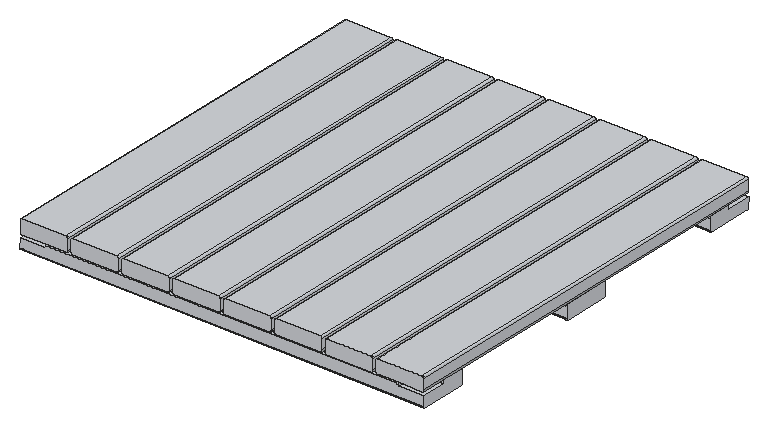
Revit family "DeckWise-Hardwood_Deck_Tile_24_in_x_24_in", category Generic Models, Revit 2026
Family settings
  Can host rebar = No
  Round Connector Dimension = Use Diameter
  Part Type = Normal
  Work Plane-Based = No
  Always vertical = Yes
  Cut with Voids When Loaded = No
  Maintain Annotation Orientation = No
  Shared = No
  Room Calculation Point = No
Parameters
  URL = ""
  Revision = ""
  OmniClass Title = ""
  OmniClass Number = ""
  MasterFormat04 Keynote = ""
  Manufacturer Information = "https://www.arcat.com/arcatcos/cos49/arc49203.html"
  Manufacturer = "DeckWise"
  Drawn By = ""
  Description = "Hardwood Deck Tile 24in X 24in"
  Default Elevation = 0.00"
  Copyright = "Arcat 2019"
  Category = ""
Reference planes (in)
  plane 1 "Center (Front/Back)": y = 0
  plane 2: z = 0
  plane 3 "Center (Left/Right)": x = 0
  plane 4: x = 24
  plane 5: z = 0.84
  plane 6: y = 24
  plane 7: x = 24
  plane 8: z = 1.68
  plane 9: x = 21.18
  plane 10: x = 20.99
  plane 11: y = 2.78
  plane 12: y = 12
  plane 13: x = 22.5
  plane 14: z = 0.65
  plane 15: x = 12
Forms (in)
  Extrusion 1, solid
    sketch origin (0, 0, 0) x (1, 0, 0) y (0, 0, 1)
      loop
        arc (21.29, 1.68) -> (21.21222, 1.64778) -> (21.18, 1.57) r 0.11
        line (21.18, 1.57) -> (21.18, 0.95)
        arc (21.18, 0.95) -> (21.21222, 0.87222) -> (21.29, 0.84) r 0.11
        line (21.29, 0.84) -> (23.89, 0.84)
        arc (23.89, 0.84) -> (23.96778, 0.87222) -> (24, 0.95) r 0.11
        line (24, 0.95) -> (24, 1.57)
        arc (24, 1.57) -> (23.96778, 1.64778) -> (23.89, 1.68) r 0.11
        line (23.89, 1.68) -> (21.29, 1.68)
      loop
        arc (18.28, 1.68) -> (18.20222, 1.64778) -> (18.17, 1.57) r 0.11
        line (18.17, 1.57) -> (18.17, 0.95)
        arc (18.17, 0.95) -> (18.20222, 0.87222) -> (18.28, 0.84) r 0.11
        line (18.28, 0.84) -> (20.88, 0.84)
        arc (20.88, 0.84) -> (20.95778, 0.87222) -> (20.99, 0.95) r 0.11
        line (20.99, 0.95) -> (20.99, 1.57)
        arc (20.99, 1.57) -> (20.95778, 1.64778) -> (20.88, 1.68) r 0.11
        line (20.88, 1.68) -> (18.28, 1.68)
      loop
        arc (15.27, 1.68) -> (15.19222, 1.64778) -> (15.16, 1.57) r 0.11
        line (15.16, 1.57) -> (15.16, 0.95)
        arc (15.16, 0.95) -> (15.19222, 0.87222) -> (15.27, 0.84) r 0.11
        line (15.27, 0.84) -> (17.87, 0.84)
        arc (17.87, 0.84) -> (17.94778, 0.87222) -> (17.98, 0.95) r 0.11
        line (17.98, 0.95) -> (17.98, 1.57)
        arc (17.98, 1.57) -> (17.94778, 1.64778) -> (17.87, 1.68) r 0.11
        line (17.87, 1.68) -> (15.27, 1.68)
      loop
        arc (12.26, 1.68) -> (12.18222, 1.64778) -> (12.15, 1.57) r 0.11
        line (12.15, 1.57) -> (12.15, 0.95)
        arc (12.15, 0.95) -> (12.18222, 0.87222) -> (12.26, 0.84) r 0.11
        line (12.26, 0.84) -> (14.86, 0.84)
        arc (14.86, 0.84) -> (14.93778, 0.87222) -> (14.97, 0.95) r 0.11
        line (14.97, 0.95) -> (14.97, 1.57)
        arc (14.97, 1.57) -> (14.93778, 1.64778) -> (14.86, 1.68) r 0.11
        line (14.86, 1.68) -> (12.26, 1.68)
      loop
        arc (9.25, 1.68) -> (9.17222, 1.64778) -> (9.14, 1.57) r 0.11
        line (9.14, 1.57) -> (9.14, 0.95)
        arc (9.14, 0.95) -> (9.17222, 0.87222) -> (9.25, 0.84) r 0.11
        line (9.25, 0.84) -> (11.85, 0.84)
        arc (11.85, 0.84) -> (11.92778, 0.87222) -> (11.96, 0.95) r 0.11
        line (11.96, 0.95) -> (11.96, 1.57)
        arc (11.96, 1.57) -> (11.92778, 1.64778) -> (11.85, 1.68) r 0.11
        line (11.85, 1.68) -> (9.25, 1.68)
      loop
        arc (6.24, 1.68) -> (6.16222, 1.64778) -> (6.13, 1.57) r 0.11
        line (6.13, 1.57) -> (6.13, 0.95)
        arc (6.13, 0.95) -> (6.16222, 0.87222) -> (6.24, 0.84) r 0.11
        line (6.24, 0.84) -> (8.84, 0.84)
        arc (8.84, 0.84) -> (8.91778, 0.87222) -> (8.95, 0.95) r 0.11
        line (8.95, 0.95) -> (8.95, 1.57)
        arc (8.95, 1.57) -> (8.91778, 1.64778) -> (8.84, 1.68) r 0.11
        line (8.84, 1.68) -> (6.24, 1.68)
      loop
        arc (3.23, 1.68) -> (3.15222, 1.64778) -> (3.12, 1.57) r 0.11
        line (3.12, 1.57) -> (3.12, 0.95)
        arc (3.12, 0.95) -> (3.15222, 0.87222) -> (3.23, 0.84) r 0.11
        line (3.23, 0.84) -> (5.83, 0.84)
        arc (5.83, 0.84) -> (5.90778, 0.87222) -> (5.94, 0.95) r 0.11
        line (5.94, 0.95) -> (5.94, 1.57)
        arc (5.94, 1.57) -> (5.90778, 1.64778) -> (5.83, 1.68) r 0.11
        line (5.83, 1.68) -> (3.23, 1.68)
      loop
        arc (0.22, 1.68) -> (0.14222, 1.64778) -> (0.11, 1.57) r 0.11
        line (0.11, 1.57) -> (0.11, 0.95)
        arc (0.11, 0.95) -> (0.14222, 0.87222) -> (0.22, 0.84) r 0.11
        line (0.22, 0.84) -> (2.82, 0.84)
        arc (2.82, 0.84) -> (2.89778, 0.87222) -> (2.93, 0.95) r 0.11
        line (2.93, 0.95) -> (2.93, 1.57)
        arc (2.93, 1.57) -> (2.89778, 1.64778) -> (2.82, 1.68) r 0.11
        line (2.82, 1.68) -> (0.22, 1.68)
    from 0 to -24
  Extrusion 2, solid
    sketch origin (0, 0, 0) x (0, 1, 0) y (0, 0, 1)
      loop
        line (2.7, 0.84) -> (0.08, 0.84)
        arc (0.08, 0.84) -> (0.02343, 0.81657) -> (0, 0.76) r 0.08
        line (0, 0.76) -> (0, 0.08)
        arc (0, 0.08) -> (0.02343, 0.02343) -> (0.08, 0) r 0.08
        line (0.08, 0) -> (2.7, 0)
        arc (2.7, 0) -> (2.75657, 0.02343) -> (2.78, 0.08) r 0.08
        line (2.78, 0.08) -> (2.78, 0.76)
        arc (2.78, 0.76) -> (2.75657, 0.81657) -> (2.7, 0.84) r 0.08
      loop
        line (23.92, 0.84) -> (21.32204, 0.84)
        arc (21.32204, 0.84) -> (21.26548, 0.81657) -> (21.24204, 0.76) r 0.08
        line (21.24204, 0.76) -> (21.24204, 0.08)
        arc (21.24204, 0.08) -> (21.26548, 0.02343) -> (21.32204, 0) r 0.08
        line (21.32204, 0) -> (23.92, 0)
        arc (23.92, 0) -> (23.97657, 0.02343) -> (24, 0.08) r 0.08
        line (24, 0.08) -> (24, 0.76)
        arc (24, 0.76) -> (23.97657, 0.81657) -> (23.92, 0.84) r 0.08
      loop
        line (13.29898, 0.84) -> (10.70102, 0.84)
        arc (10.70102, 0.84) -> (10.64445, 0.81657) -> (10.62102, 0.76) r 0.08
        line (10.62102, 0.76) -> (10.62102, 0.08)
        arc (10.62102, 0.08) -> (10.64445, 0.02343) -> (10.70102, 0) r 0.08
        line (10.70102, 0) -> (13.29898, 0)
        arc (13.29898, 0) -> (13.35555, 0.02343) -> (13.37898, 0.08) r 0.08
        line (13.37898, 0.08) -> (13.37898, 0.76)
        arc (13.37898, 0.76) -> (13.35555, 0.81657) -> (13.29898, 0.84) r 0.08
    from 0.10795 to 24
  Extrusion 3, void
    sketch origin (0, 0, 0) x (1, 0, 0) y (0, 1, 0)
      loop
        arc (22.5, 24) -> (22.93934, 22.93934) -> (24, 22.5) r 1.5
        line (24, 22.5) -> (24, 24) -> (22.5, 24)
      loop
        line (22.5, 0) -> (24, 0) -> (24, 1.5)
        arc (24, 1.5) -> (22.93934, 1.06066) -> (22.5, 0) r 1.5
      loop
        line (1.61, 24) -> (0.11, 24) -> (0.11, 22.5)
        arc (0.11, 22.5) -> (1.17066, 22.93934) -> (1.61, 24) r 1.5
      loop
        arc (1.61, 0) -> (1.17066, 1.06066) -> (0.11, 1.5) r 1.5
        line (0.11, 1.5) -> (0.11, 0) -> (1.61, 0)
    from 0.65 to 0.84
  Extrusion 4, void
    sketch origin (-1.41804, 21.22, 0) x (0, -1, 0) y (1, 0, 0)
      loop
        circle (-1.40102, 24) r 0.175
    from 0 to 1.21564
  Extrusion 5, void
    sketch origin (-1.41804, 2.78, 0) x (0, 1, 0) y (-1, 0, 0)
      loop
        circle (-1.40102, -24) r 0.175
    from 0 to 1.24818
  Extrusion 6, void
    sketch origin (25.41804, 21.22, 0) x (0, -1, 0) y (1, 0, 0)
      loop
        circle (-1.40102, -24) r 0.175
    from 0 to 1.21564
  Extrusion 7, void
    sketch origin (25.41804, 2.78, 0) x (0, 1, 0) y (-1, 0, 0)
      loop
        circle (-1.40102, 24) r 0.175
    from 0 to 1.24615
Cuts and joins
  Extrusion 3, Extrusion 4, Extrusion 5, Extrusion 6, Extrusion 7 cuts Extrusion 1
  Extrusion 3, Extrusion 4, Extrusion 5, Extrusion 6, Extrusion 7 cuts Extrusion 2
Dimensions and locks (in)
  plane 3 "Center (Left/Right)" to plane 4 = 24.00"
  plane 7 to plane 10 = 3.01"
  plane 9 to plane 10 = 0.19"
  plane 11 to plane 1 "Center (Front/Back)" = 2.78"
  plane 8 to plane 5 to level = 0.84", 0.84"
  equal spacing: plane 1 "Center (Front/Back)", plane 12, plane 6
  equal spacing: plane 3 "Center (Left/Right)", plane 15, plane 7
Automatic sketch dimensions
  Extrusion 1 sketch curve to plane 5 = 0.00"  (x8)
  Extrusion 1 sketch curve to plane 8 = 0.00"  (x8)
  Extrusion 1 sketch curve to plane 10 = 0.00"
  Extrusion 1 sketch curve to plane 9 = 0.00"
  Extrusion 1 sketch curve to plane 4 = 0.00"
  Extrusion 1 sketch curve to plane 10 = 0.11"  (x2)
  plane 5 to Extrusion 1 sketch curve = 0.11"  (x6)
  Extrusion 1 sketch curve to Extrusion 1 sketch curve = 2.60"  (x5)
  Extrusion 1 sketch curve to Extrusion 1 sketch curve = 0.11"  (x13)
  Extrusion 1 sketch curve to Extrusion 1 sketch curve = 0.19"  (x5)
  Extrusion 1 sketch curve to plane 8 = 0.11"  (x4)
  Extrusion 1 sketch curve to Extrusion 1 sketch curve = 0.00"  (x4)
  plane 15 to Extrusion 1 sketch curve = 0.26"
  Extrusion 1 sketch curve to plane 15 = 0.04"
  Extrusion 1 sketch curve to plane 15 = 0.15"
  plane 3 "Center (Left/Right)" to Extrusion 1 sketch curve = 0.22"  (x2)
  plane 9 to Extrusion 1 sketch curve = 0.11"
  Extrusion 2 sketch curve to plane 1 "Center (Front/Back)" = 0.00"
  Extrusion 2 sketch curve to level = 0.00"  (x3)
  Extrusion 2 sketch curve to plane 5 = 0.00"  (x3)
  Extrusion 2 sketch curve to plane 11 = 0.00"
  Extrusion 2 sketch curve to plane 6 = 0.00"
  Extrusion 2 sketch curve to plane 1 "Center (Front/Back)" = 0.08"
  Extrusion 2 sketch curve to Extrusion 2 sketch curve = 0.08"  (x7)
  plane 11 to Extrusion 2 sketch curve = 0.08"
  level to Extrusion 2 sketch curve = 0.08"  (x3)
  plane 12 to Extrusion 2 sketch curve = 1.37898"
  Extrusion 2 sketch curve to plane 12 = 1.29898"
  Extrusion 2 sketch curve to plane 6 = 2.75796"
  Extrusion 3 sketch curve to plane 6 = 0.00"  (x2)
  plane 1 "Center (Front/Back)" to Extrusion 3 sketch curve = 0.00"  (x2)
  Extrusion 3 sketch curve to plane 13 = 0.00"  (x2)
  Extrusion 3 sketch curve to plane 4 = 0.00"  (x2)
  plane 3 "Center (Left/Right)" to Extrusion 3 sketch curve = 1.61"  (x2)
  plane 3 "Center (Left/Right)" to Extrusion 3 sketch curve = 0.11"  (x2)
  plane 13 to Extrusion 4 sketch curve = 0.08196"
  Extrusion 4 sketch curve to plane 6 = 1.37898"
  plane 13 to Extrusion 5 sketch curve = 0.08196"
  Extrusion 5 sketch curve to plane 1 "Center (Front/Back)" = 1.37898"
  Extrusion 6 sketch curve to plane 6 = 1.37898"
  plane 3 "Center (Left/Right)" to Extrusion 6 sketch curve = 1.41804"
  Extrusion 7 sketch curve to plane 1 "Center (Front/Back)" = 1.37898"
  plane 3 "Center (Left/Right)" to Extrusion 7 sketch curve = 1.41804"
  radius of Extrusion 4 sketch curve = 0.175"
  radius of Extrusion 5 sketch curve = 0.175"
  radius of Extrusion 6 sketch curve = 0.175"
  radius of Extrusion 7 sketch curve = 0.175"
